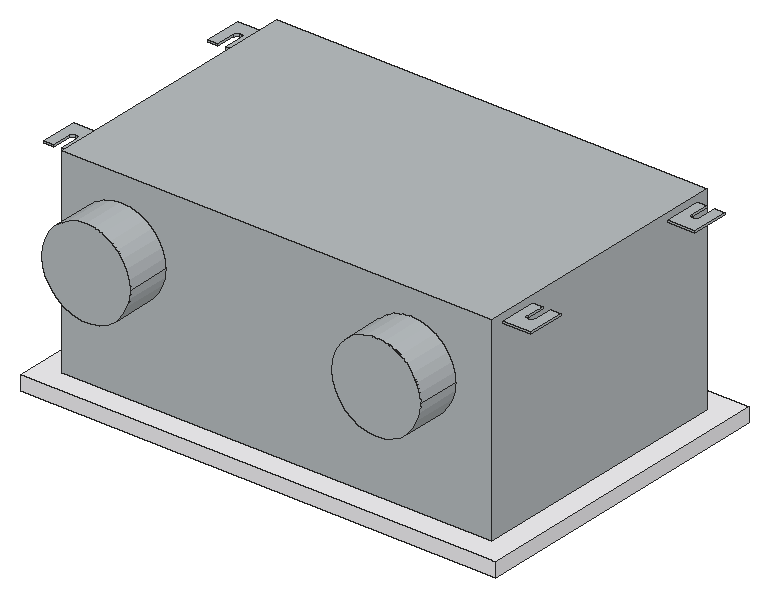
Revit family "sku-25_65ac_60Hz", category 機械設備, Revit 2019
Family settings
  丸型コネクタ寸法 = 直径を使用
  パーツ タイプ = 標準
  OmniClass 番号 = 23.75.10.34.21
  OmniClass タイトル = Heat Exchangers for Ventilation Air
  作業面ベース = いいえ
  常に垂直 = はい
  ロード時にボイドで切り取り = いいえ
  共有 = いいえ
  部屋計算ポイント = はい
Parameters (values of type "SKU-25AC")
  騒音レベル(dB(A)) = 33
  風量 = 250.0 m³/h
  面風速 = 3.93 m/s
  電源種別 [instance] = "一般"
  電圧 = 100 V
  電動機出力 = 0 W
  集中コントローラ = ""
  運転質量 = 0.00 kg
  連動 [instance] = ""
  質量 = if(製品質量 > 運転質量, 製品質量, 運転質量) * 1.2  # 16.80 kg
  負荷分類 = 3_ファン類
  説明 = "店舗用ロスナイ 全カセット形"
  設計風量 = 0.0 m³/h
  設置方法 = "カセット形"
  記号 [instance] = ""
  製造元 = "三菱電機株式会社"
  製品質量 = 14.00 kg
  製品出荷対象 = "国内"
  製品リリース年月 = "2003/5/1"
  製品グループ = ""
  系統 [instance] = ""
  符号 = "HEU"
  積算_科目 = "1 空気調和設備"
  積算_拾い区分 [instance] = ""
  相 = 1
  盤記号 [instance] = ""
  発停方法 [instance] = "別売スイッチ"
  特殊仕様 [instance] = ""
  火災停止 [instance] = ""
  温度交換効率 = 58.00%
  消費電力 = 93 W
  法定耐用年数 = "15"
  機外静圧_排気 = 0.0 Pa
  機外静圧 = 0.0 Pa
  構成部品 = "パネル"
  極数 = 2
  材質 [instance] = ""
  本体マテリアル = 溶融亜鉛めっき鋼板
  操作・制御方式 = ""
  操作・制御スイッチ = ""
  排気量 = 0.0 m³/h
  形式 = "カセット形"
  幹線記号 [instance] = ""
  対象室 [instance] = ""
  実風量 = 0.0 m³/h
  始動方式 [instance] = "直入"
  天吊金具_径 = 6.5 mm
  天吊金具_幅 = 30 mm
  外気量 = 0.0 m³/h
  呼称 = "全熱交換ユニット"
  周波数 = 60 Hz
  天吊金具ピッチ2 = 330 mm
  天吊金具ピッチ1 = 736 mm
  天吊金具_高さ = 10 mm
  参照している仕様書等のバージョン = ""
  初期抵抗 = 0.0 Pa
  分類コード = "50052504100080"
  分類グループ = ""
  価格 = 136000
  企業コード = "108420"
  付属品_フィルター_還気 = ""
  付属品_フィルター = ""
  付属品 [instance] = ""
  仕様書バージョン = "Version1.0"
  モデル = "SKU-25AC"
  パネルマテリアル = 樹脂成形
  コメント [instance] = ""
  Keynote = ""
  エンタルピ交換効率_暖房 = 44.00%
  エンタルピ交換効率_冷房 = 38.00%
  Assembly Code = ""
  Width = 690 mm
  Version = ""
  Uniclass2015Version = "Systems v1.9"
  Uniclass2015Title = "Thermal wheels"
  Uniclass2015Code = "Pr_60_60_36_88"
  URL = "https://www.mitsubishielectric.co.jp/ldg/wink/ssl/displayProduct.do?pid=42639"
  SpecificationReference = ""
  SpecificationDescription = ""
  Duct_W = 130 mm
  SAサイズ_D = 0 mm
  Revision = ""
  RAサイズ_D = 0 mm
  ProductInformation = ""
  OmniClassCode = "23-27 23 19 11"
  OAサイズ_W = 0 mm
  OAサイズ_D = 142 mm
  MIN風量 = 150.0 m³/h
  MIN静圧 = 0.0 Pa
  MAX風量 = 250.0 m³/h
  MAX静圧 = 0.0 Pa
  IfcTypeProduct = ""
  IfcProduct = ""
  IfcExportType = "ROTARYWHEEL"
  IfcExportAs = "IfcAirToAirHeatRecoveryType"
  Height = 318 mm
  EAサイズ_W = 0 mm
  EAサイズ_D = 142 mm
  Duct_Pitch = 465 mm
  Duct_Height = 111 mm
  Duct_Depth = 70 mm
  Depth = 430 mm
  Panel_Width = 763 mm
  Panel_Height = 23 mm
  Panel_Depth = 506 mm
  Author = "三菱電機株式会社"
Types (4, lengths in mm): name | 騒音レベル(dB(A)) | 風量 | 面風速 | 質量 | 製品質量 | 温度交換効率 | 消費電力 | 天吊金具ピッチ2 | 天吊金具ピッチ1 | 価格 | モデル | エンタルピ交換効率_暖房 | エンタルピ交換効率_冷房 | Width | URL | Duct_W | OAサイズ_D | MIN風量 | MAX風量 | Height | EAサイズ_D | Duct_Pitch | Duct_Height | Duct_Depth | Depth | Panel_Width | Panel_Depth
  SKU-25AC | 33 | 250.0 m³/h | 3.93 m/s | 16.80 kg | 14.00 kg | 58.00% | 93 W | 330 | 736 | 136000 | "SKU-25AC" | 44.00% | 38.00% | 690 | "https://www.mitsubishielectric.co.jp/ldg/wink/ssl/displayProduct.do?pid=42639" | 130 | 142 | 150.0 m³/h | 250.0 m³/h | 318 | 142 | 465 | 111 | 70 | 430 | 763 | 506
  SKU-35AC | 38 | 350.0 m³/h | 5.5 m/s | 17.40 kg | 14.50 kg | 51.00% | 129 W | 330 | 736 | 156000 | "SKU-35AC" | 37.00% | 31.00% | 690 | "https://www.mitsubishielectric.co.jp/ldg/wink/ssl/displayProduct.do?pid=42640" | 130 | 142 | 200.0 m³/h | 350.0 m³/h | 318 | 142 | 465 | 111 | 70 | 430 | 763 | 506
  SKU-50AC | 39 | 500.0 m³/h | 4.42 m/s | 29.40 kg | 24.50 kg | 56.00% | 189 W | 420 | 926 | 201000 | "SKU-50AC" | 43.00% | 36.00% | 880 | "https://www.mitsubishielectric.co.jp/ldg/wink/ssl/displayProduct.do?pid=42641" | 139 | 192 | 300.0 m³/h | 500.0 m³/h | 390 | 192 | 600 | 142 | 85 | 520 | 955 | 596
  SKU-65AC | 42 | 650.0 m³/h | 5.75 m/s | 29.40 kg | 24.50 kg | 53.00% | 255 W | 420 | 926 | 228000 | "SKU-65AC" | 39.00% | 33.00% | 880 | "https://www.mitsubishielectric.co.jp/ldg/wink/ssl/displayProduct.do?pid=42642" | 139 | 192 | 380.0 m³/h | 650.0 m³/h | 390 | 192 | 600 | 142 | 85 | 520 | 955 | 596
Reference planes
  plane 1 "中心(正面/背面)": y = 0
  plane 2: z = 0
  plane 3 "中心(左/右)": x = 0
  plane 4: x = -345
  plane 5: x = 345
  plane 6: y = 215
  plane 7: y = -215
  plane 8: z = 207
  plane 9: x = -250
  plane 10: x = 215
  plane 11: y = -285
  plane 12: x = -368
  plane 13: x = 368
  plane 14: y = 165
  plane 15: y = -165
  plane 16: y = 195
  plane 17: y = 135
  plane 18: y = -135
  plane 19: y = -195
  plane 20: z = 308
  plane 21: z = 305
  plane 22: x = -381.5
  plane 23: y = 253
  plane 24: y = -253
  plane 25: x = 381.5
  plane 26: z = -23
  plane 27: x = -390.5
  plane 28: x = 390.5
  plane 29: z = 318
Forms (mm)
  Extrusion 1, solid, material "溶融亜鉛めっき鋼板" <- "本体マテリアル", detail levels fine
    sketch origin (0, 0, 0) x (1, 0, 0) y (0, 1, 0)
      loop
        line (-345, 215) -> (-345, -215) -> (345, -215) -> (345, 215) -> (-345, 215)
    from 318 to 0
  Extrusion 2, solid, material "溶融亜鉛めっき鋼板" <- "本体マテリアル", detail levels fine
    sketch origin (510, -445, 0) x (-1, 0, 0) y (0, 0, -1)
      loop
        circle (295, -207) r 71
    from -230 to -160
  Extrusion 3, solid, material "溶融亜鉛めっき鋼板" <- "本体マテリアル", detail levels fine
    sketch origin (-510, -445, 0) x (1, 0, 0) y (0, 0, 1)
      loop
        circle (260, 207) r 71
    from -230 to -160
  Extrusion 4, solid, material "樹脂成形" <- "パネルマテリアル"
    sketch origin (0, 0, 0) x (1, 0, 0) y (0, 1, 0)
      loop
        line (-381.5, 253) -> (-381.5, -253) -> (381.5, -253) -> (381.5, 253) -> (-381.5, 253)
    from -23 to 0
  Extrusion 5, solid, material "溶融亜鉛めっき鋼板"
    sketch origin (0, 0, 0) x (1, 0, 0) y (0, 1, 0)
      loop
        line (-345, 195) -> (-390.5, 195) -> (-390.5, 135) -> (-374.5, 135) -> (-374.5, 165)
        arc (-374.5, 165) -> (-368, 171.5) -> (-361.5, 165) r 6.5
        line (-361.5, 165) -> (-361.5, 135) -> (-345, 135) -> (-345, 195)
    from 305 to 308
  Extrusion 6, solid, material "溶融亜鉛めっき鋼板"
    sketch origin (0, 0, 0) x (1, 0, 0) y (0, 1, 0)
      loop
        line (-345, -135) -> (-390.5, -135) -> (-390.5, -195) -> (-374.5, -195) -> (-374.5, -165)
        arc (-374.5, -165) -> (-368, -158.5) -> (-361.5, -165) r 6.5
        line (-361.5, -165) -> (-361.5, -195) -> (-345, -195) -> (-345, -135)
    from 305 to 308
  Extrusion 7, solid, material "溶融亜鉛めっき鋼板"
    sketch origin (0, 0, 0) x (-1, 0, 0) y (0, -1, 0)
      loop
        line (-345, 195) -> (-390.5, 195) -> (-390.5, 135) -> (-374.5, 135) -> (-374.5, 165)
        arc (-374.5, 165) -> (-368, 171.5) -> (-361.5, 165) r 6.5
        line (-361.5, 165) -> (-361.5, 135) -> (-345, 135) -> (-345, 195)
    from 305 to 308
  Extrusion 8, solid, material "溶融亜鉛めっき鋼板"
    sketch origin (0, 420, 0) x (-1, 0, 0) y (0, -1, 0)
      loop
        line (-345, 285) -> (-390.5, 285) -> (-390.5, 225) -> (-374.5, 225) -> (-374.5, 255)
        arc (-374.5, 255) -> (-368, 261.5) -> (-361.5, 255) r 6.5
        line (-361.5, 255) -> (-361.5, 225) -> (-345, 225) -> (-345, 285)
    from 305 to 308
Lines and regions (mm)
  Masking region 1, detail levels coarse+medium
    outline origin (1326.5, 29, 0) x (1, 0, 0) y (0, 1, 0)
      loop
        line (-1671.5, 186) -> (-1671.5, -244) -> (-981.5, -244) -> (-981.5, 186) -> (-1671.5, 186)
  symbolic lines, detail levels coarse+medium
    curve 1: line (0, 215, 0) -> (-345, 0, 0)
    curve 2: line (-345, 0, 0) -> (0, -215, 0)
    curve 3: line (0, -215, 0) -> (345, 0, 0)
    curve 4: line (345, 0, 0) -> (0, 215, 0)
Dimensions and locks
  equal spacing: plane 4, plane 3 "中心(左/右)", plane 5
  "Width": plane 4 to plane 5
  equal spacing: plane 6, plane 1 "中心(正面/背面)", plane 7
  "Depth": plane 6 to plane 7
  "Duct_Pitch": plane 10 to plane 9
  "Duct_Depth": plane 7 to plane 11
  equal spacing: plane 12, plane 3 "中心(左/右)", plane 13
  "天吊金具ピッチ1": plane 12 to plane 13
  equal spacing: plane 14, plane 1 "中心(正面/背面)", plane 15
  "天吊金具ピッチ2": plane 14 to plane 15
  equal spacing: plane 16, plane 14, plane 17
  locked: plane 20 to plane 21 at 3
  equal spacing: plane 23, plane 1 "中心(正面/背面)", plane 24
  "Panel_Depth": plane 23 to plane 24
  "Panel_Width": plane 22 to plane 25
  "Duct_W": plane 5 to plane 10
  equal spacing: plane 18, plane 15, plane 19
  "天吊金具_幅": plane 15 to plane 19
  "天吊金具_幅": plane 14 to plane 17
  locked: plane 27 to plane 12 at 22.5
  locked: plane 13 to plane 28 at 22.5
  "Height": plane 29 to level
  "天吊金具_高さ": plane 29 to plane 20
  "Duct_Height": plane 29 to plane 8
  "Panel_Height": level to plane 26
  equal spacing: plane 22, plane 3 "中心(左/右)", plane 25
  "EAサイズ_D": diameter of Extrusion 3 sketch curve
  "天吊金具_径": radius of Extrusion 5 sketch curve
  "天吊金具_径": radius of Extrusion 6 sketch curve
  "天吊金具_径": radius of Extrusion 7 sketch curve
  "天吊金具_径": radius of Extrusion 8 sketch curve
  "OAサイズ_D": diameter of Extrusion 2 sketch curve
  aligned and locked: level to plane 2
  aligned and locked: plane 7 to Extrusion 2
  aligned and locked: Extrusion 2 to plane 11
  aligned and locked: Masking region 1 to plane 4
  aligned and locked: plane 5 to Masking region 1
  aligned and locked: plane 6 to Masking region 1
  aligned and locked: Masking region 1 to plane 7
  aligned and locked: plane 13 to nested 1
  aligned and locked: plane 12 to nested 1
  aligned and locked: nested 1 to plane 15
  aligned and locked: plane 14 to nested 1
  aligned and locked: Extrusion 3 to plane 11
  aligned and locked: plane 7 to Extrusion 3
  aligned and locked: Extrusion 4 sketch curve to plane 23
  aligned and locked: plane 22 to Extrusion 4 sketch curve
  aligned and locked: plane 24 to Extrusion 4 sketch curve
  aligned and locked: Extrusion 4 sketch curve to plane 25
  aligned and locked: Extrusion 4 to plane 26
  aligned and locked: plane 4 to Extrusion 5 sketch curve
  aligned and locked: plane 16 to Extrusion 5 sketch curve
  aligned and locked: Extrusion 5 sketch curve to plane 27
  aligned and locked: Extrusion 5 sketch curve to plane 17  (x2)
  aligned and locked: plane 18 to Extrusion 6 sketch curve
  aligned and locked: plane 4 to Extrusion 6 sketch curve
  aligned and locked: Extrusion 6 sketch curve to plane 27
  aligned and locked: Extrusion 6 sketch curve to plane 19  (x2)
  aligned and locked: Extrusion 7 sketch curve to plane 19
  aligned and locked: Extrusion 7 sketch curve to plane 5
  aligned and locked: Extrusion 7 sketch curve to plane 28
  aligned and locked: Extrusion 8 sketch curve to plane 28
  aligned and locked: Extrusion 8 sketch curve to plane 17
  aligned and locked: Extrusion 8 sketch curve to plane 5
  aligned and locked: plane 16 to Extrusion 8 sketch curve  (x2)
  aligned and locked: Extrusion 6 to plane 21
  aligned and locked: plane 20 to Extrusion 6
  aligned and locked: Extrusion 5 to plane 21
  aligned and locked: plane 20 to Extrusion 5
  aligned and locked: Extrusion 7 to plane 21
  aligned and locked: plane 20 to Extrusion 7
  aligned and locked: Extrusion 8 to plane 21
  aligned and locked: plane 20 to Extrusion 8
  aligned and locked: Extrusion 1 to plane 29
  aligned and locked: Extrusion 1 to level
  aligned and locked: level to Extrusion 4
Automatic sketch dimensions
  plane 1 "中心(正面/背面)" to curve 1 = 0 mm
  curve 1 to plane 4 = 0 mm
  curve 2 to plane 3 "中心(左/右)" = 0 mm
  curve 4 to plane 3 "中心(左/右)" = 0 mm
  plane 1 "中心(正面/背面)" to curve 4 = 0 mm
  curve 4 to plane 5 = 0 mm
  curve 2 to plane 7 = 0 mm
  curve 4 to plane 6 = 0 mm
  Extrusion 1 sketch curve to plane 4 = 0 mm
  Extrusion 1 sketch curve to plane 5 = 0 mm
  Extrusion 1 sketch curve to plane 7 = 0 mm
  Extrusion 1 sketch curve to plane 6 = 0 mm
  Extrusion 2 sketch curve to plane 8 = 0 mm
  Extrusion 2 sketch curve to plane 10 = 0 mm
  Masking region 1 sketch curve to plane 4 = 0 mm
  Masking region 1 sketch curve to plane 5 = 0 mm
  Masking region 1 sketch curve to plane 7 = 0 mm
  Masking region 1 sketch curve to plane 6 = 0 mm
  Extrusion 5 sketch curve to plane 14 = 0 mm
  Extrusion 5 sketch curve to plane 12 = 0 mm
  Extrusion 6 sketch curve to plane 15 = 0 mm
  Extrusion 6 sketch curve to plane 12 = 0 mm
  Extrusion 7 sketch curve to plane 18 = 0 mm  (x2)
  Extrusion 7 sketch curve to plane 15 = 0 mm
  Extrusion 7 sketch curve to plane 13 = 0 mm
  Extrusion 8 sketch curve to plane 14 = 0 mm
  Extrusion 8 sketch curve to plane 13 = 0 mm
  Extrusion 3 sketch curve to plane 8 = 0 mm
  Extrusion 3 sketch curve to plane 9 = 0 mm
Nested families
  nested 1: "固定点" at (-368, -165, 0), type "固定点"
    with W 736 mm, D 330 mm
Connectors
  hvac at (215, -285, 207), driven by "OAサイズ_D", driven by "機外静圧", driven by "風量"
    settings: on Extrusion 2, index 2, duct flow 250.0 m³/h, flow factor 0, pres drop 0.0 Pa, loss coef 0, conn angle 0.00°, conn width 304.8 mm, conn height 304.8 mm, conn diameter 142 mm, duct sys type 4, conn prof type 0, flow config 0, flow direction 1, loss method 4, conn ref index -1, conn util no, is conn primary no, conn desc ""
  hvac at (-250, -285, 207), driven by "EAサイズ_D", driven by "風量", driven by "機外静圧"
    settings: on Extrusion 3, index 10, duct flow 250.0 m³/h, flow factor 0, pres drop 0.0 Pa, loss coef 0, conn angle 0.00°, conn width 304.8 mm, conn height 304.8 mm, conn diameter 142 mm, duct sys type 3, conn prof type 0, flow config 0, flow direction 2, loss method 4, conn ref index -1, conn util no, is conn primary yes, conn desc ""
  electrical at (0, 0, 318), driven by "極数", driven by "負荷分類", driven by "電圧", driven by "消費電力"
    settings: on Extrusion 1, index 11, voltage 100 V, apparent load 93 VA, apparent load phase1 0 VA, apparent load phase2 0 VA, apparent load phase3 0 VA, power factor 1, load classification "3_ファン類", number of poles 2, system type 30, power factor state 1, is connector primary yes, connector utility no, sub classification motor no, connector description ""
Definition of nested family "固定点"
  Parameters (values of type "固定点")
    中心円 = 20 mm
    W [instance] = 1000 mm
    D [instance] = 1000 mm
  Reference planes
    plane 1 "中心(正面/背面)": y = 0
    plane 2: z = 0
    plane 3 "中心(左/右)": x = 0
    plane 4: x = 1000
    plane 5: y = 1000
  Lines and regions (mm)
    symbolic lines, detail levels fine
      curve 1: circle (0, 1000, 0) r 10 normal (0, 0, 1)
      curve 2: circle (0, 0, 0) r 10 normal (0, 0, 1)
      curve 3: circle (1000, 1000, 0) r 10 normal (0, 0, 1)
      curve 4: circle (1000, 0, 0) r 10 normal (0, 0, 1)
      curve 5: line (-200, 1000, 0) -> (1200, 1000, 0)
      curve 6: line (-200, 0, 0) -> (1200, 0, 0)
      curve 7: line (0, 1200, 0) -> (0, -200, 0)
      curve 8: line (1000, 1200, 0) -> (1000, -200, 0)
  Dimensions and locks
    "W": plane 3 "中心(左/右)" to plane 4
    "D": plane 1 "中心(正面/背面)" to plane 5
    "中心円": diameter of curve 1
    "中心円": diameter of curve 2
    "中心円": diameter of curve 3
    "中心円": diameter of curve 4
    aligned and locked: level to plane 2
    aligned and locked: plane 5 to curve 1
    aligned and locked: plane 3 "中心(左/右)" to curve 1
    aligned and locked: plane 3 "中心(左/右)" to curve 2
    aligned and locked: plane 1 "中心(正面/背面)" to curve 2
    aligned and locked: plane 4 to curve 3
    aligned and locked: plane 5 to curve 3
    aligned and locked: plane 1 "中心(正面/背面)" to curve 4
    aligned and locked: plane 4 to curve 4
    aligned and locked: plane 1 "中心(正面/背面)" to curve 6
    aligned and locked: curve 7 to plane 3 "中心(左/右)"
    aligned and locked: curve 8 to plane 4
  Automatic sketch dimensions
    curve 5 to plane 5 = 0 mm
    curve 6 to plane 3 "中心(左/右)" = 200 mm
    curve 5 to plane 3 "中心(左/右)" = 200 mm
    curve 4 to curve 6 = 200 mm
    curve 3 to curve 5 = 200 mm
    plane 1 "中心(正面/背面)" to curve 8 = 200 mm
    plane 1 "中心(正面/背面)" to curve 7 = 200 mm
    curve 3 to curve 8 = 200 mm
    curve 1 to curve 7 = 200 mm
